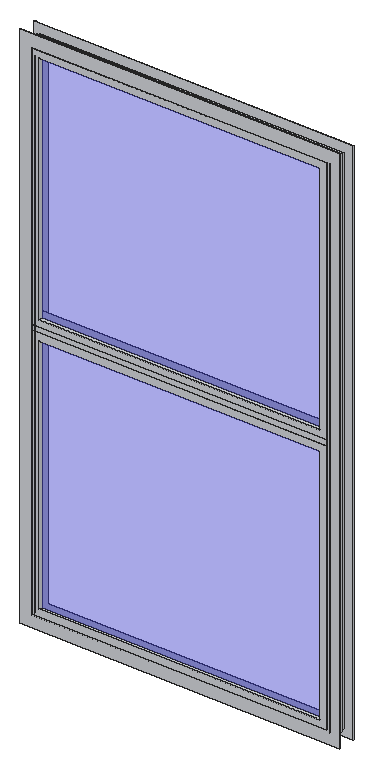
Revit family "1150S_Fixed Single Horizontal Rail", category Windows, host Wall, Revit 2023
Family settings
  Host = Wall
  OmniClass Number = 23.30.20.00
  OmniClass Title = Windows
  Always vertical = Yes
  Cut with Voids When Loaded = No
  Shared = No
  Room Calculation Point = No
Parameters
  Height = 5' - 0"
  Glass Material = Glass
  Frame Material = none
  Depth From Exterior = 0' - 1"
  Default Sill Height = 3' - 0"
  Wall Closure = By host
  Width = 3' - 0"
  Bottom Bay Height = 2' - 4 125/256"
Reference planes (in)
  plane 1 "Center (Front/Back)": y = 0
  plane 2: z = 0
  plane 3 "Center (Left/Right)": x = 0
  plane 4 "Left": x = -18
  plane 5 "Right": x = 18
  plane 6 "Sill": z = 36
  plane 7 "Top": z = 96
  plane 8: y = 3
  plane 9: y = 2
  plane 10: y = 0
  plane 11: y = 0.36291
  plane 12: z = 65.90841
  plane 13: z = 37.42014
  plane 14: z = 66.81069
  plane 15: z = 66.07855
  plane 16: z = 66.64055
Forms (in)
  Sweep 1, solid
    path origin (0, 0, 0) x (1, 0, 0) y (0, 0, 1)
      loop
        line (18, 36) -> (18, 96) -> (-18, 96) -> (-18, 36) -> (18, 36)
    profile origin (0, 0, 36) x (0, 0, -1) y (0, -1, 0)
      loop
        line (0, -2) -> (0, -1.8747) -> (-1.12519, -1.8747) -> (-1.12519, -1.80397) -> (-1.02398, -1.70276) -> (-0.87556, -1.70276) -> (-0.87556, -1.357) -> (-0.813, -1.357) -> (-0.813, -0.643) -> (-0.87556, -0.643) -> (-0.87556, -0.30046) -> (-1.02076, -0.30046) -> (-1.125, -0.19622) -> (-1.125, -0.125) -> (0, -0.125) -> (0, 0) -> (-1.375, 0) -> (-1.375, -0.30355) -> (-1.25, -0.46426) -> (-1.25, -1.375) -> (-2.04514, -1.375) -> (-1.42014, -2) -> (0, -2)
  Sweep 2, solid, material "Glass" <- "Glass Material"
    path origin (0, 0, 0) x (0, 1, 0) y (0, 0, 1)
      loop
        line (1.375, 37.25) -> (1.375, 94.75)
    profile origin (0, 1.375, 66) x (0, -1, 0) y (1, 0, 0)
      loop
        line (0, -16.75) -> (0.25, -16.75) -> (0.25, 16.75) -> (0, 16.75) -> (0, -16.75)
      loop
        line (0.75, -16.75) -> (1, -16.75) -> (1, 16.75) -> (0.75, 16.75) -> (0.75, -16.75)
  Sweep 3, solid
    path origin (0, 0, 0) x (1, 0, 0) y (0, 0, 1)
      loop
        line (16.57986, 66.35955) -> (-16.57986, 66.35955)
    profile origin (0, 0, 66.35955) x (0, 0, -1) y (0, -1, 0)
      loop
        line (-0.281, -1.375) -> (-1.07614, -1.375) -> (-0.45114, -2) -> (0.45114, -2) -> (1.07614, -1.375) -> (0.281, -1.375) -> (0.281, 0) -> (-0.281, 0) -> (-0.281, -1.375)
  Sweep 4, solid
    path origin (0, 0, 0) x (1, 0, 0) y (0, 0, 1)
      loop
        line (-16.625, 37.375) -> (16.625, 37.375) -> (16.625, 66.07855) -> (-16.625, 66.07855) -> (-16.625, 37.375)
    profile origin (0, 0, 37.375) x (0, 0, 1) y (0, -1, 0)
      loop
        line (0, -0.08) -> (0, -0.36291) -> (0.78358, -0.36291) -> (0.78358, 0) -> (0, 0) -> (0, -0.08)
  Sweep 5, solid
    path origin (0, 0, 0) x (1, 0, 0) y (0, 0, 1)
      loop
        line (-16.625, 66.64055) -> (16.625, 66.64055) -> (16.625, 94.625) -> (-16.625, 94.625) -> (-16.625, 66.64055)
    profile origin (0, 0, 66.64055) x (0, 0, 1) y (0, -1, 0)
      loop
        line (0, -0.08) -> (0, -0.36291) -> (0.78358, -0.36291) -> (0.78358, 0) -> (0, 0) -> (0, -0.08)
Lines and regions (in)
  Opening 1
    outline origin (-60, -3, 0) x (1, 0, 0) y (0, 0, 1)
      loop
        line (42, 96) -> (42, 36) -> (78, 36) -> (78, 96) -> (42, 96)
Text (in)
  text "EXTERIOR" at (-58.6888, 50.90694, 0), in view "Ref. Level"
  text "INTERIOR" at (-58.6888, -37.76638, 0), in view "Ref. Level"
  text "Exterior" at (0, 43.65631, 123.19604), in view "Left"
  text "Exterior" at (0, 18.29385, 125.04747), in view "Right"
Dimensions and locks (in)
  equal spacing: plane 4 "Left", plane 3 "Center (Left/Right)", plane 5 "Right"
  "Height": plane 6 "Sill" to plane 7 "Top"
  "Default Sill Height": plane 2 to plane 6 "Sill"
  "Width": plane 4 "Left" to plane 5 "Right"
  "Depth From Exterior": plane 8 to plane 9
  locked: plane 11 to plane 10 at 0.36291
  locked: plane 9 to plane 10 at 2
  locked: plane 6 "Sill" to plane 13 at 1.42014
  "Bottom Bay Height": plane 13 to plane 12
  locked: plane 12 to plane 14 at 0.90228
  locked: plane 14 to plane 16 at 0.17014
  locked: plane 15 to plane 12 at 0.17014
  aligned and locked: plane 7 "Top" to Opening 1 sketch curve
  aligned and locked: plane 6 "Sill" to Opening 1 sketch curve  (x2)
  aligned and locked: plane 5 "Right" to Opening 1 sketch curve
  aligned and locked: plane 4 "Left" to Opening 1 sketch curve
  aligned and locked: level to plane 2
  aligned and locked: Sweep 1 sketch curve to plane 7 "Top"
  aligned and locked: plane 4 "Left" to Sweep 1 sketch curve
  aligned and locked: plane 6 "Sill" to Sweep 1 sketch curve
  aligned and locked: Sweep 1 sketch curve to plane 5 "Right"
  aligned and locked: Sweep 2 sketch curve to Sweep 1  (x5)
  aligned and locked: plane 8 to host wall
  aligned and locked: plane 9 to Sweep 1
  aligned and locked: plane 10 to Sweep 1
  aligned and locked: Sweep 1 to Sweep 3 sketch curve  (x2)
  aligned and locked: Sweep 3 to plane 9
  aligned and locked: plane 10 to Sweep 3
  aligned and locked: Sweep 4 sketch curve to Sweep 1  (x3)
  aligned and locked: Sweep 4 sketch curve to Sweep 3
  aligned and locked: plane 10 to Sweep 4
  aligned and locked: Sweep 4 to plane 11
  aligned and locked: Sweep 5 sketch curve to Sweep 3
  aligned and locked: Sweep 5 sketch curve to Sweep 1  (x3)
  aligned and locked: plane 10 to Sweep 5
  aligned and locked: Sweep 5 to plane 11
  aligned and locked: plane 12 to Sweep 3
  aligned and locked: plane 13 to Sweep 1
  aligned and locked: plane 14 to Sweep 3
  aligned and locked: plane 15 to Sweep 3
  aligned and locked: plane 16 to Sweep 3
Automatic sketch dimensions
  profile plane to Sweep 1 sketch curve = 0' - 2.04514"
  Sweep 1 sketch curve to Sweep 1 sketch curve = 0' - 0 5/8"
  Sweep 1 sketch curve to Sweep 1 sketch curve = 0' - 0.67014"
  Sweep 1 sketch curve to Sweep 1 sketch curve = 0' - 0.17014"
  Sweep 1 sketch curve to Sweep 1 sketch curve = 0' - 0.29495"
  Sweep 1 sketch curve to Sweep 1 sketch curve = 0' - 0 1/4"
  Sweep 1 sketch curve to Sweep 1 sketch curve = 0' - 0.10121"  (x2)
  Sweep 1 sketch curve to Sweep 1 sketch curve = 0' - 0.10424"  (x2)
  Sweep 1 sketch curve to Sweep 1 sketch curve = 0' - 0.1452"
  Sweep 1 sketch curve to Sweep 1 sketch curve = 0' - 0 19/128"
  Sweep 1 sketch curve to Sweep 1 sketch curve = 0' - 0.06256"
  Sweep 1 sketch curve to Sweep 1 sketch curve = 0' - 0.87556"  (x2)
  Sweep 1 sketch curve to plane 1 "Center (Front/Back)" = 0' - 2"
  Sweep 1 sketch curve to Sweep 1 sketch curve = 0' - 0.1253"
  Sweep 1 sketch curve to Sweep 1 sketch curve = 0' - 0.07073"
  Sweep 1 sketch curve to Sweep 1 sketch curve = 0' - 0.32776"
  Sweep 1 sketch curve to Sweep 1 sketch curve = 0' - 0.34576"
  Sweep 1 sketch curve to Sweep 1 sketch curve = 0' - 0.714"
  Sweep 1 sketch curve to Sweep 1 sketch curve = 0' - 0.33945"
  Sweep 1 sketch curve to Sweep 1 sketch curve = 0' - 0.00309"
  Sweep 1 sketch curve to Sweep 1 sketch curve = 0' - 0.07122"
  Sweep 1 sketch curve to Sweep 1 sketch curve = 0' - 0 1/8"
  Sweep 1 sketch curve to Sweep 1 sketch curve = 0' - 0.16071"
  Sweep 2 sketch curve to plane 6 "Sill" = 0' - 1 1/4"
  plane 7 "Top" to Sweep 2 sketch curve = 0' - 1 1/4"
  profile plane to Sweep 2 sketch curve = 0' - 0"
  Sweep 2 sketch curve to Sweep 2 sketch curve = 0' - 0 1/4"  (x2)
  Sweep 2 sketch curve to Sweep 2 sketch curve = 0' - 0 3/4"
  plane 7 "Top" to Sweep 3 sketch curve = 2' - 5.64045"
  profile plane to Sweep 3 sketch curve = 0' - 1.07614"
  Sweep 3 sketch curve to Sweep 3 sketch curve = 0' - 0 5/8"  (x3)
  Sweep 3 sketch curve to Sweep 3 sketch curve = 0' - 0.73214"
  Sweep 3 sketch curve to Sweep 3 sketch curve = 0' - 0.17014"
  Sweep 3 sketch curve to Sweep 3 sketch curve = 0' - 0.79514"
  Sweep 3 sketch curve to plane 1 "Center (Front/Back)" = 0' - 2"
  Sweep 3 sketch curve to Sweep 3 sketch curve = 0' - 1 3/8"
  Sweep 3 sketch curve to Sweep 3 sketch curve = 0' - 0.562"
  Sweep 4 sketch curve to profile plane = 0' - 0"
  Sweep 4 sketch curve to Sweep 4 sketch curve = 0' - 0.78358"
  Sweep 4 sketch curve to plane 1 "Center (Front/Back)" = 0' - 0.36291"
  Sweep 4 sketch curve to Sweep 4 sketch curve = 0' - 0.36291"
  Sweep 4 sketch curve to Sweep 4 sketch curve = 0' - 0.08"
  profile plane to Sweep 5 sketch curve = 0' - 0"
  Sweep 5 sketch curve to Sweep 5 sketch curve = 0' - 0.78358"
  Sweep 5 sketch curve to plane 1 "Center (Front/Back)" = 0' - 0.36291"
  Sweep 5 sketch curve to Sweep 5 sketch curve = 0' - 0.36291"
  Sweep 5 sketch curve to Sweep 5 sketch curve = 0' - 0.08"
